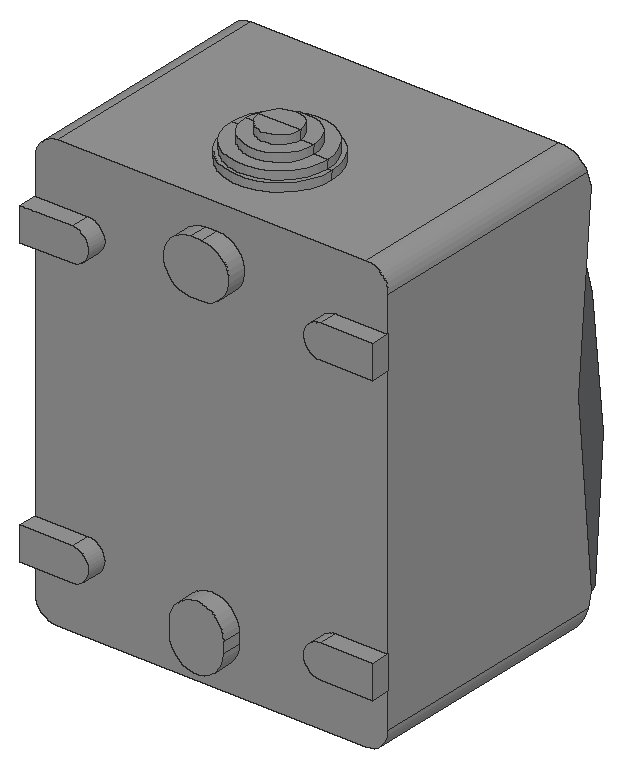
Revit family "IEK_Выключатель_ОУ_10А_1кл_IP54_FORS", category Выключатели, Revit 2019
Family settings
  Сохранять ориентацию аннотаций = Да
  Размер круглого соединителя = Использовать диаметр
  Тип детали = Переключатель
  На основе рабочей плоскости = Нет
  Всегда вертикально = Да
  При загрузке вырезать с полостями = Нет
  Общий = Нет
  Точка расчета площади = Нет
Parameters (values of type "ВС20-1-0-ФСр_Серый")
  Ширина = 65 mm  # constant formula
  Тип монтажа = "Поверхность монтажа (открытая установка)"  # constant formula
  Степень защиты = "IP54"  # constant formula
  Описание = "Электроустановочные изделия серии FORS подходят для эксплуатации в различных сферах, включая промышленные объекты, склады и производственные помещения. Благодаря степени защиты IP54 они стабильно работают в условиях повышенной влажности и запыленности. В комплекте есть подробная инструкция и необходимые аксессуары для быстрого монтажа. Электроустановочные изделия FORS — выбор профессионалов!"
  Материал крышки = RAL 9004
  Изготовитель = "IEK"  # constant formula
  Диаметр_Короб [instance] = 16 mm
  Глубина = 55 mm  # constant formula
  Высота = 92 mm  # constant formula
  ΔХ [instance] = 2000 mm
  ΔY [instance] = 2000 mm
  URL = "https://www.iek.ru/"
  ADSK_Ток [instance] = 10 A  # constant formula
  ADSK_Примечание = ""
  ADSK_Полная мощность [instance] = ADSK_Номинальная мощность / ADSK_Коэффициент мощности  # 2200 VA
  ADSK_Позиция [instance] = ""
  ADSK_Номинальная мощность [instance] = ADSK_Ток * ADSK_Напряжение * sqrt(ADSK_Количество фаз числовое) * ADSK_Коэффициент мощности  # 2200 W
  ADSK_Напряжение = 220 V
  ADSK_Наименование краткое = "ВС20-1-0-ФСр"
  ADSK_Наименование = "Выключатель 1-клавишный проходной для открытой установки 10А IP54 ВС20-1-0-ФСр серый IEK"
  ADSK_Материал обозначение = ""
  ADSK_Материал наименование = "Пластик"  # constant formula
  ADSK_Материал = Окраска - RAL 7035
  ADSK_Масса = 0.09
  ADSK_Марка = "FORS"  # constant formula
  ADSK_Коэффициент мощности [instance] = 1  # constant formula
  ADSK_Количество фаз числовое = 1
  ADSK_Количество фаз = 1
  ADSK_Код изделия = "EVS10-K03-10-54-DC"
  ADSK_Классификация нагрузок [instance] = Прочее
  ADSK_Завод-изготовитель = Изготовитель  # "IEK"
  ADSK_Единица измерения = "шт."  # constant formula
  ADSK_Группирование = "Электроустановочные изделия низковольтные"  # constant formula
  ADSK_Версия семейства = "01.10.25"  # constant formula
  ADSK_Версия Revit = "v2019"  # constant formula
  ADSK_URL страницы изделия = "https://qr.iek.group/EVS10-K03-10-54-DC"
Types (5, lengths in mm): name | Материал крышки | ADSK_Наименование краткое | ADSK_Наименование | ADSK_Материал | ADSK_Масса | ADSK_Код изделия | ADSK_URL страницы изделия
  (no name) | RAL 9004 | "ВС20-1-0-ФСр" | "Выключатель 1-клавишный проходной для открытой установки 10А IP54 ВС20-1-0-ФСр серый IEK" | Окраска - RAL 7035 | 0.09 | "EVS10-K03-10-54-DC" | "https://qr.iek.group/EVS10-K03-10-54-DC"
  ВС20-1-0-ФСр_Серый | RAL 9004 | "ВС20-1-0-ФСр" | "Выключатель 1-клавишный проходной для открытой установки 10А IP54 ВС20-1-0-ФСр серый IEK" | Окраска - RAL 7035 | 0.09 | "EVS10-K03-10-54-DC" | "https://qr.iek.group/EVS10-K03-10-54-DC"
  ВСк20-1-0-ФСр_Кнопочный_Серый | RAL 9004 | "ВСк20-1-0-ФСр" | "Выключатель кнопочный для открытой установки 10А IP54 ВСк20-1-0-ФСр серый IEK" | Окраска - RAL 7035 | 0.13 | "EVS13-K03-10-54-DC" | "https://qr.iek.group/EVS13-K03-10-54-DC"
  ВС20-1-0-ФБ_Белый | Окраска - Белый | "ВС20-1-0-ФБ" | "Выключатель 1-клавишный проходной для открытой установки 10А IP54 ВС20-1-0-ФБ белый IEK" | Окраска - Белый | 0.09 | "EVS10-K01-10-54-DC" | "https://qr.iek.group/EVS10-K01-10-54-DC"
  ВСк20-1-0-ФБ_Кнопочный_Белый | Окраска - Белый | "ВСк20-1-0-ФБ" | "Выключатель кнопочный для открытой установки 10А IP54 ВСк20-1-0-ФБ белый IEK" | Окраска - Белый | 0.09 | "EVS13-K01-10-54-DC" | "https://qr.iek.group/EVS13-K01-10-54-DC"
Reference planes
  plane 1 "По центру (Вперед/Назад)": y = 0
  plane 2: z = 0
  plane 3 "По центру (Влево/Вправо)": x = 0
  plane 4 "Высота ножек": z = 280
  plane 5 "Высота": z = 2081.496
  plane 6: x = -2000
  plane 7: y = 2000
Forms (mm)
  Extrusion 1, solid, detail levels coarse
    sketch origin (5.5, 24, 0) x (1, 0, 0) y (0, 1, 0)
      loop
        line (-38, -24) -> (27, -24) -> (27, 31) -> (-38, 31) -> (-38, -24)
    from 0 to 92
  Extrusion 2, solid, detail levels medium
    sketch origin (-5.5, 24, 0) x (1, 0, 0) y (0, 1, 0)
      loop
        line (-27, 31) -> (-27, -24) -> (38, -24) -> (38, 31) -> (-27, 31)
    from 0 to 92
  Extrusion 3, solid, material "Окраска - RAL 7035" <- "ADSK_Материал", detail levels fine
    sketch origin (0, 0, 45.5) x (1, 0, 0) y (0, 0, -1)
      loop
        line (-32, 35.5) -> (-32, -35.45)
        arc (-32, -35.45) -> (-30.814, -38.314) -> (-27.95, -39.5) r 4.05
        line (-27.95, -39.5) -> (28, -39.5)
        arc (28, -39.5) -> (30.828, -38.328) -> (32, -35.5) r 4
        line (32, -35.5) -> (32, 35.5)
        arc (32, 35.5) -> (30.828, 38.328) -> (28, 39.5) r 4
        line (28, 39.5) -> (-28, 39.5)
        arc (-28, 39.5) -> (-30.828, 38.328) -> (-32, 35.5) r 4
    from 3.5 to 50.392
  Extrusion 4, void
    sketch origin (0, 0, 32.4) x (1, 0, 0) y (0, 0, -1)
      loop
        line (-30.2, 22.4) -> (-30.2, -48.6)
        arc (-30.2, -48.6) -> (-29.556, -50.156) -> (-28, -50.8) r 2.2
        line (-28, -50.8) -> (28, -50.8)
        arc (28, -50.8) -> (29.556, -50.156) -> (30.2, -48.6) r 2.2
        line (30.2, -48.6) -> (30.2, 22.4)
        arc (30.2, 22.4) -> (29.556, 23.956) -> (28, 24.6) r 2.2
        line (28, 24.6) -> (-28, 24.6)
        arc (-28, 24.6) -> (-29.556, 23.956) -> (-30.2, 22.4) r 2.2
    from 39.3 to 50.392
  Extrusion 5, solid, material "Окраска - RAL 7035" <- "ADSK_Материал", detail levels fine
    sketch origin (0, 0, 45.5) x (1, 0, 0) y (0, 0, -1)
      loop
        line (-32, 23) -> (-22.5, 23)
        arc (-22.5, 23) -> (-19.5, 26) -> (-22.5, 29) r 3
        line (-22.5, 29) -> (-32, 29) -> (-32, 23)
      loop
        line (32, 23) -> (32, 29) -> (22.5, 29)
        arc (22.5, 29) -> (19.5, 26) -> (22.5, 23) r 3
        line (22.5, 23) -> (32, 23)
      loop
        line (-32, -23) -> (-32, -29) -> (-22.5, -29)
        arc (-22.5, -29) -> (-19.5, -26) -> (-22.5, -23) r 3
        line (-22.5, -23) -> (-32, -23)
      loop
        line (32, -23) -> (22.5, -23)
        arc (22.5, -23) -> (19.5, -26) -> (22.5, -29) r 3
        line (22.5, -29) -> (32, -29) -> (32, -23)
      loop
        arc (1, -34.9) -> (5.9, -30) -> (1, -25.1) r 4.9
        line (1, -25.1) -> (-1, -25.1)
        arc (-1, -25.1) -> (-5.9, -30) -> (-1, -34.9) r 4.9
        line (-1, -34.9) -> (1, -34.9)
      loop
        line (-4.9, 31) -> (-4.9, 29)
        arc (-4.9, 29) -> (0, 24.1) -> (4.9, 29) r 4.9
        line (4.9, 29) -> (4.9, 31)
        arc (4.9, 31) -> (0, 35.9) -> (-4.9, 31) r 4.9
    from 0 to 3.5
  Revolve 6, solid, material "Окраска - RAL 7035" <- "ADSK_Материал", detail levels fine
    sketch origin (0, 18.905, 4617.5) x (-1, 0, 0) y (0, 0, 1)
      loop
        line (0, -4526.5) -> (0, -4532.5) -> (9.541, -4532.5) -> (9.541, -4531) -> (8.75, -4531) -> (8.75, -4529.5) -> (6.25, -4529.5) -> (6.25, -4528) -> (3.75, -4528) -> (3.75, -4526.5) -> (0, -4526.5)
      loop
        line (0, -4617.5) -> (3.75, -4617.5) -> (3.75, -4616) -> (6.25, -4616) -> (6.25, -4614.5) -> (8.75, -4614.5) -> (8.75, -4613) -> (9.541, -4613) -> (9.541, -4611.5) -> (0, -4611.5) -> (0, -4617.5)
      axis (0, -4617.5) -> (0, -4526.5)
    angle from 0 to 360
  Extrusion 7, void
    sketch origin (0, 0, 45.5) x (0, 0, -1) y (0, 1, 0)
      loop
        line (39.5, 47.287) -> (39.5, 51.998) -> (-39.5, 51.998) -> (-39.5, 47.287) -> (-33.021, 49.493)
        arc (-33.021, 49.493) -> (0.067, 46.452) -> (33.15, 49.537) r 180.205
        arc (33.15, 49.537) -> (36.341, 48.456) -> (39.5, 47.287) r 121.61
    from -32 to 32
  Extrusion 8, solid, material "RAL 9004" <- "Материал крышки", detail levels fine
    sketch origin (0, 0, -54.575) x (0, 0, -1) y (0, 1, 0)
      loop
        line (-136.6, 39.3) -> (-63.59, 39.3) -> (-63.59, 46.629) -> (-64.398, 53.299)
        arc (-64.398, 53.299) -> (-64.651, 53.912) -> (-65.264, 54.166) r 0.867
        arc (-65.264, 54.166) -> (-101.053, 55.2) -> (-135.915, 47.044) r 138.769
        arc (-135.915, 47.044) -> (-136.396, 46.68) -> (-136.6, 46.112) r 1.059
        line (-136.6, 46.112) -> (-136.6, 39.3)
    from -29 to 29
Cuts and joins
  Extrusion 4, Extrusion 7 cuts Extrusion 3
Lines and regions (mm)
  reference lines
    curve 1: line (0, 44.647, 0) -> (0, -55.353, 0)
    curve 2: line (-23.829, 0, 0) -> (76.171, 0, 0)
Dimensions and locks
  locked: plane 4 "Высота ножек" to plane 2 at 280
  plane 5 "Высота" to plane 4 "Высота ножек" = 1801.496 mm
  "ΔХ": plane 6 to curve 1
  "ΔY": plane 7 to curve 2
  aligned and locked: level to plane 2
  aligned and locked: curve 2 to nested 1
  aligned and locked: nested 1 to curve 1
Automatic sketch dimensions
  Extrusion 1 sketch curve to plane 1 "По центру (Вперед/Назад)" = 55 mm
  Extrusion 1 sketch curve to plane 3 "По центру (Влево/Вправо)" = 32.5 mm
  plane 3 "По центру (Влево/Вправо)" to Extrusion 1 sketch curve = 32.5 mm
  plane 1 "По центру (Вперед/Назад)" to Extrusion 1 sketch curve = 0 mm
  Extrusion 2 sketch curve to plane 3 "По центру (Влево/Вправо)" = 32.5 mm
  plane 3 "По центру (Влево/Вправо)" to Extrusion 2 sketch curve = 32.5 mm
  plane 1 "По центру (Вперед/Назад)" to Extrusion 2 sketch curve = 0 mm
  Extrusion 2 sketch curve to plane 1 "По центру (Вперед/Назад)" = 55 mm
  level to Extrusion 3 sketch curve = 10 mm  (x2)
  Extrusion 3 sketch curve to plane 3 "По центру (Влево/Вправо)" = 32 mm
  Extrusion 3 sketch curve to Extrusion 3 sketch curve = 4 mm
  Extrusion 3 sketch curve to Extrusion 3 sketch curve = 4.05 mm
  plane 3 "По центру (Влево/Вправо)" to Extrusion 3 sketch curve = 28 mm  (x2)
  Extrusion 3 sketch curve to Extrusion 3 sketch curve = 70.95 mm
  level to Extrusion 4 sketch curve = 10 mm  (x2)
  Extrusion 4 sketch curve to plane 3 "По центру (Влево/Вправо)" = 30.2 mm
  Extrusion 4 sketch curve to Extrusion 4 sketch curve = 2.2 mm  (x2)
  plane 3 "По центру (Влево/Вправо)" to Extrusion 4 sketch curve = 28 mm  (x2)
  Extrusion 4 sketch curve to Extrusion 4 sketch curve = 71 mm
  Extrusion 5 sketch curve to plane 3 "По центру (Влево/Вправо)" = 0 mm
  Extrusion 5 sketch curve to plane 3 "По центру (Влево/Вправо)" = 1 mm
  Extrusion 5 sketch curve to plane 3 "По центру (Влево/Вправо)" = 4.9 mm
  Extrusion 5 sketch curve to Extrusion 5 sketch curve = 21.5 mm  (x2)
  Extrusion 5 sketch curve to Extrusion 5 sketch curve = 17.6 mm  (x2)
  Extrusion 5 sketch curve to Extrusion 5 sketch curve = 9.5 mm  (x4)
  plane 3 "По центру (Влево/Вправо)" to Extrusion 5 sketch curve = 1 mm
  level to Extrusion 5 sketch curve = 80.4 mm
  Extrusion 5 sketch curve to Extrusion 5 sketch curve = 4.9 mm
  Extrusion 5 sketch curve to Extrusion 5 sketch curve = 1 mm  (x2)
  Extrusion 5 sketch curve to Extrusion 5 sketch curve = 3 mm  (x4)
  level to Extrusion 5 sketch curve = 22.5 mm  (x2)
  level to Extrusion 5 sketch curve = 16.5 mm
  Extrusion 5 sketch curve to Extrusion 5 sketch curve = 2 mm
  Revolve 6 sketch curve to plane 3 "По центру (Влево/Вправо)" = 0 mm  (x3)
  Revolve 6 sketch curve to level = 0 mm
  Revolve 6 sketch curve to plane 3 "По центру (Влево/Вправо)" = 3.75 mm  (x2)
  level to Revolve 6 sketch curve = 1.5 mm
  Revolve 6 sketch curve to Revolve 6 sketch curve = 2.5 mm  (x4)
  Revolve 6 sketch curve to Revolve 6 sketch curve = 0.791 mm  (x2)
  Revolve 6 sketch curve to Revolve 6 sketch curve = 1.5 mm  (x6)
  Revolve 6 sketch curve to Revolve 6 sketch curve = 4.5 mm
  Revolve 6 sketch curve to Revolve 6 sketch curve = 79 mm
  Revolve 6 sketch curve to level = 1478.5 mm
  Revolve 6 sketch curve to plane 5 "Высота" = 511.996 mm
  level to Extrusion 7 sketch curve = 85 mm
  Extrusion 7 sketch curve to Extrusion 7 sketch curve = 6.479 mm
  level to Extrusion 7 sketch curve = 49.778 mm
  level to Extrusion 7 sketch curve = 45.554 mm
  level to Extrusion 7 sketch curve = 6 mm
  plane 1 "По центру (Вперед/Назад)" to Extrusion 7 sketch curve = 66.17 mm
  Extrusion 7 sketch curve to plane 1 "По центру (Вперед/Назад)" = 47.287 mm  (x2)
  Extrusion 7 sketch curve to Extrusion 7 sketch curve = 2.206 mm
  Extrusion 7 sketch curve to Extrusion 7 sketch curve = 4.711 mm
  Extrusion 7 sketch curve to Extrusion 7 sketch curve = 174.659 mm
  level to Extrusion 8 sketch curve = 82.025 mm
  Extrusion 8 sketch curve to Extrusion 8 sketch curve = 1.058 mm
  level to Extrusion 8 sketch curve = 32.559 mm
  level to Extrusion 8 sketch curve = 10.689 mm
  Extrusion 8 sketch curve to Extrusion 8 sketch curve = 0.867 mm
  Extrusion 8 sketch curve to Extrusion 8 sketch curve = 0.808 mm
  plane 1 "По центру (Вперед/Назад)" to Extrusion 8 sketch curve = 82.869 mm
  Extrusion 8 sketch curve to plane 1 "По центру (Вперед/Назад)" = 39.3 mm
  Extrusion 8 sketch curve to Extrusion 8 sketch curve = 6.752 mm
  Extrusion 8 sketch curve to Extrusion 8 sketch curve = 0.061 mm
  Extrusion 8 sketch curve to Extrusion 8 sketch curve = 7.329 mm
  Extrusion 8 sketch curve to Extrusion 8 sketch curve = 6.67 mm
  curve 2 to plane 3 "По центру (Влево/Вправо)" = 23.829 mm
  plane 3 "По центру (Влево/Вправо)" to curve 2 = 76.171 mm
  plane 1 "По центру (Вперед/Назад)" to curve 1 = 55.353 mm
  curve 1 to plane 1 "По центру (Вперед/Назад)" = 44.647 mm
Nested families
  nested 1: "УГО Выключателя" at (0, 0, 0), type "1K-O", detail levels coarse+medium
    with IP44 yes
Connectors
  electrical at (0, 0, 46), driven by "ADSK_Количество фаз", driven by "ADSK_Классификация нагрузок", driven by "ADSK_Напряжение", driven by "ADSK_Полная мощность", driven by "ADSK_Коэффициент мощности"
    settings: on Extrusion 1, index 1, voltage 220 V, apparent load 0 VA, apparent load phase1 2200 VA, apparent load phase2 0 VA, apparent load phase3 0 VA, power factor 1, load classification "Прочее", number of poles 1, system type 30, power factor state 1, is connector primary yes, connector utility no, sub classification motor no, connector description ""
  cabletrayconduit at (0, 18.905, 91), diameter 16, driven by "Диаметр_Короб"
    settings: on Revolve 6, index 2, connector width 300 mm, connector height 300 mm, connector angle 0.00°, system type 32, placement type 0, profile type 0, connector reference index 3, is primary connector yes, connector utility param no, connector description ""
  cabletrayconduit at (0, 18.905, 0), diameter 16, driven by "Диаметр_Короб"
    settings: on Revolve 6, index 3, connector width 300 mm, connector height 300 mm, connector angle 0.00°, system type 32, placement type 0, profile type 0, connector reference index 2, is primary connector no, connector utility param no, connector description ""
Definition of nested family "УГО Выключателя"
  Parameters (values of type "3K-O")
    IP44 [instance] = no
    3K-C = no
    2K-C = no
    1K-C = no
    3K-O = yes
    2K-O = no
    1K-O = no
  Types (6, lengths in mm): name | 3K-C | 2K-C | 1K-C | 3K-O | 2K-O | 1K-O
    2K-O | no | no | no | no | yes | no
    3K-O | no | no | no | yes | no | no
    2K-C | no | yes | no | no | no | no
    1K-O | no | no | no | no | no | yes
    1K-C | no | no | yes | no | no | no
    3K-C | yes | no | no | no | no | no
  Reference planes
    plane 1: y = 0
    plane 2: x = 0
  Lines and regions (mm)
    Filled region 1, type "Цветовая область 1", visible <- "IP44", not visible
      outline origin (0, 0, 0) x (1, 0, 0) y (0, 1, 0)
        loop
          circle (0, 2.214) r 0.994
    Filled region 2, type "Цветовая область 1", visible <- "IP44", not visible
      outline origin (-1.562, 0, 0) x (1, 0, 0) y (0, 1, 0)
        loop
          circle (11.009, 9.276) r 0.994
    Filled region 3, type "Цветовая область 1", visible <- "IP44", not visible
      outline origin (-1.562, 0, 0) x (1, 0, 0) y (0, 1, 0)
        loop
          circle (23.521, 9.279) r 0.994
    Filled region 4, type "Цветовая область 1", visible <- "IP44", not visible
      outline origin (0, 0, 0) x (1, 0, 0) y (0, 1, 0)
        loop
          circle (28.604, 9.279) r 0.994
    Filled region 5, type "Цветовая область 1", visible <- "IP44", not visible
      outline origin (0, 0, 0) x (1, 0, 0) y (0, 1, 0)
        loop
          circle (32.789, 9.279) r 0.994
    Filled region 6, type "Цветовая область 1", visible <- "IP44"
      outline origin (0, 0, 0) x (1, 0, 0) y (0, 1, 0)
        loop
          circle (0.006, 0.994) r 0.994
    Filled region 7, type "Цветовая область 1", visible <- "IP44"
      outline origin (0, 0, 0) x (1, 0, 0) y (0, 1, 0)
        loop
          circle (0.006, 0.994) r 0.994
    Filled region 8, type "Цветовая область 1", visible <- "IP44"
      outline origin (-1.562, 0, 0) x (1, 0, 0) y (0, 1, 0)
        loop
          circle (1.569, 0.994) r 0.994
    Filled region 9, type "Цветовая область 1", visible <- "IP44"
      outline origin (0, 0, 0) x (1, 0, 0) y (0, 1, 0)
        loop
          circle (0.006, 0.994) r 0.994
    Filled region 10, type "Цветовая область 1", visible <- "IP44", not visible
      outline origin (0, 0, 0) x (1, 0, 0) y (0, 1, 0)
        loop
          circle (15.057, 15.33) r 0.994
    Filled region 11, type "Цветовая область 1", visible <- "IP44"
      outline origin (-1.562, 0, 0) x (1, 0, 0) y (0, 1, 0)
        loop
          circle (1.569, 0.994) r 0.994
    Filled region 12, type "Цветовая область 1", visible <- "IP44"
      outline origin (0, 0, 0) x (1, 0, 0) y (0, 1, 0)
        loop
          circle (0.006, 0.994) r 0.994
    detail lines, visible <- "3K-O", not visible
      curve 1: line (0.86, 2.711, 0) -> (3.031, 3.964, 0)
      curve 2: line (0.639, 2.975, 0) -> (2.25, 4.895, 0)
      curve 3: line (0.323, 3.154, 0) -> (1.139, 5.524, 0)
      curve 4: circle (0, 2.214, 0) r 0.994 normal (0, 0, 1)
      curve 5: line (3.031, 3.964, 0) -> (3.431, 3.272, 0)
      curve 6: line (2.25, 4.895, 0) -> (2.863, 4.381, 0)
      curve 7: line (1.139, 5.524, 0) -> (1.896, 5.263, 0)
    detail lines, visible <- "2K-O", not visible
      curve 8: line (10.196, 9.928, 0) -> (12.088, 11.572, 0)
      curve 9: line (9.928, 10.145, 0) -> (11.143, 12.337, 0)
      curve 10: circle (9.446, 9.276, 0) r 0.994 normal (0, 0, 1)
      curve 11: line (12.088, 11.572, 0) -> (12.613, 10.968, 0)
      curve 12: line (11.143, 12.337, 0) -> (11.843, 11.949, 0)
    detail lines, visible <- "1K-O", not visible
      curve 13: line (15.627, 16.144, 0) -> (17.201, 18.393, 0)
      curve 14: circle (15.057, 15.33, 0) r 0.994 normal (0, 0, 1)
      curve 15: line (17.201, 18.393, 0) -> (17.857, 17.934, 0)
    detail lines, visible <- "3K-C", not visible
      curve 16: line (22.819, 9.775, 0) -> (24.99, 11.029, 0)
      curve 17: line (22.597, 10.04, 0) -> (24.208, 11.96, 0)
      curve 18: line (22.282, 10.218, 0) -> (23.098, 12.588, 0)
      curve 19: circle (21.958, 9.279, 0) r 0.994 normal (0, 0, 1)
      curve 20: line (24.765, 11.418, 0) -> (25.215, 10.639, 0)
      curve 21: line (23.863, 12.249, 0) -> (24.553, 11.67, 0)
      curve 22: line (22.672, 12.734, 0) -> (23.523, 12.441, 0)
    detail lines, visible <- "2K-C", not visible
      curve 23: line (29.354, 9.93, 0) -> (31.246, 11.575, 0)
      curve 24: line (29.086, 10.148, 0) -> (30.301, 12.34, 0)
      curve 25: circle (28.604, 9.279, 0) r 0.994 normal (0, 0, 1)
      curve 26: line (30.951, 11.914, 0) -> (31.541, 11.235, 0)
      curve 27: line (29.908, 12.558, 0) -> (30.695, 12.122, 0)
    detail lines, visible <- "1K-C", not visible
      curve 28: line (33.359, 10.092, 0) -> (34.797, 12.146, 0)
      curve 29: circle (32.789, 9.279, 0) r 0.994 normal (0, 0, 1)
      curve 30: line (34.428, 12.404, 0) -> (35.165, 11.887, 0)
    detail lines
      curve 31: line (0.006, 0, 0) -> (0.006, 2.454, 0)
      curve 32: line (0.006, 0, 0) -> (2.217, 0, 0)
    detail lines, visible <- "1K-C"
      curve 33: line (0.576, 1.808, 0) -> (2.014, 3.861, 0)
      curve 34: circle (0.006, 0.994, 0) r 0.994 normal (0, 0, 1)
      curve 35: line (1.645, 4.119, 0) -> (2.383, 3.603, 0)
    detail lines, visible <- "2K-C"
      curve 36: line (0.756, 1.645, 0) -> (2.648, 3.29, 0)
      curve 37: line (0.488, 1.863, 0) -> (1.703, 4.055, 0)
      curve 38: circle (0.006, 0.994, 0) r 0.994 normal (0, 0, 1)
      curve 39: line (2.353, 3.629, 0) -> (2.943, 2.95, 0)
      curve 40: line (1.31, 4.273, 0) -> (2.097, 3.837, 0)
    detail lines, visible <- "3K-C"
      curve 41: line (0.867, 1.49, 0) -> (3.037, 2.744, 0)
      curve 42: line (0.645, 1.755, 0) -> (2.256, 3.675, 0)
      curve 43: line (0.33, 1.933, 0) -> (1.146, 4.303, 0)
      curve 44: circle (0.006, 0.994, 0) r 0.994 normal (0, 0, 1)
      curve 45: line (2.812, 3.133, 0) -> (3.262, 2.354, 0)
      curve 46: line (1.911, 3.964, 0) -> (2.601, 3.386, 0)
      curve 47: line (0.72, 4.449, 0) -> (1.571, 4.156, 0)
    detail lines, visible <- "1K-O"
      curve 48: line (0.576, 1.808, 0) -> (2.151, 4.056, 0)
      curve 49: circle (0.006, 0.994, 0) r 0.994 normal (0, 0, 1)
      curve 50: line (2.151, 4.056, 0) -> (2.806, 3.597, 0)
    detail lines, visible <- "2K-O"
      curve 51: line (0.756, 1.645, 0) -> (2.648, 3.29, 0)
      curve 52: line (0.488, 1.863, 0) -> (1.703, 4.055, 0)
      curve 53: circle (0.006, 0.994, 0) r 0.994 normal (0, 0, 1)
      curve 54: line (2.648, 3.29, 0) -> (3.173, 2.686, 0)
      curve 55: line (1.703, 4.055, 0) -> (2.403, 3.667, 0)
    detail lines, visible <- "3K-O"
      curve 56: line (0.867, 1.49, 0) -> (3.037, 2.744, 0)
      curve 57: line (0.645, 1.755, 0) -> (2.256, 3.675, 0)
      curve 58: line (0.33, 1.933, 0) -> (1.146, 4.303, 0)
      curve 59: circle (0.006, 0.994, 0) r 0.994 normal (0, 0, 1)
      curve 60: line (3.037, 2.744, 0) -> (3.437, 2.051, 0)
      curve 61: line (2.256, 3.675, 0) -> (2.869, 3.161, 0)
      curve 62: line (1.146, 4.303, 0) -> (1.902, 4.042, 0)
